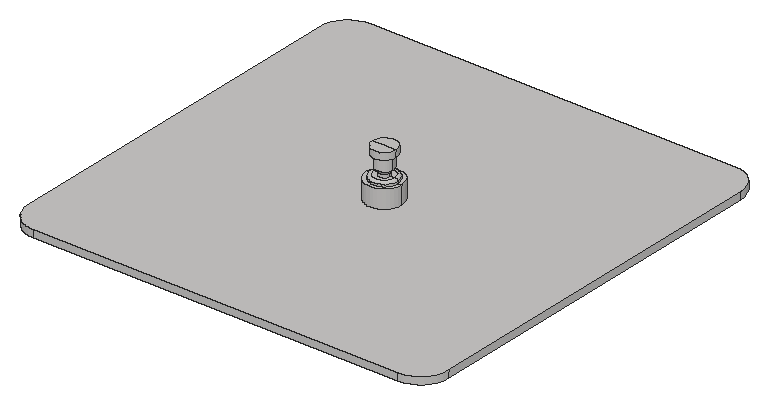
Revit family "S-2764", category Plumbing Fixtures, Revit 2023
Family settings
  Round Connector Dimension = Use Diameter
  Part Type = Normal
  OmniClass Number = 23.45.00.00
  OmniClass Title = Sanitary, Laundry, and Cleaning Equipment
  Work Plane-Based = No
  Enable Cutting in Views = No
  Always vertical = Yes
  Cut with Voids When Loaded = No
  Maintain Annotation Orientation = No
  Shared = No
  Room Calculation Point = No
Parameters
  Default Elevation = 0"
Reference planes (in)
  plane 1 "Center (Front/Back)": y = 0
  plane 2: z = 0
  plane 3 "Center (Left/Right)": x = 0
  plane 4 "Center L/S": x = 7.46875
  plane 5 "Center L/T": x = -7.46875
  plane 6: z = 2.06953
  plane 7: z = 2.75703
  plane 8: z = 1.06953
  plane 9: z = 0.81953
Forms (in)
  Extrusion 1, solid, material "stainless steel"
    sketch origin (0, 14.9375, 0.81953) x (0, -1, 0) y (1, 0, 0)
      loop
        line (14.9375, -6.46875) -> (14.9375, 6.46875)
        arc (14.9375, 6.46875) -> (14.64461, 7.17586) -> (13.9375, 7.46875) r 1
        line (13.9375, 7.46875) -> (1, 7.46875)
        arc (1, 7.46875) -> (0.29289, 7.17586) -> (0, 6.46875) r 1
        line (0, 6.46875) -> (0, -6.46875)
        arc (0, -6.46875) -> (0.29289, -7.17586) -> (1, -7.46875) r 1
        line (1, -7.46875) -> (13.9375, -7.46875)
        arc (13.9375, -7.46875) -> (14.64461, -7.17586) -> (14.9375, -6.46875) r 1
    from 0 to 0.25
  Revolve 2, solid, material "stainless steel"
    sketch origin (0, 7.47041, 0.81953) x (1, 0, 0) y (0, 0, 1)
      loop
        line (0, 0.25) -> (0.61846, 0.25) -> (0.61846, 0.89366) -> (0.47779, 0.89366) -> (0.47779, 0.95799)
        arc (0.47779, 0.95799) -> (0.43544, 1.01074) -> (0.36879, 1.02232) r 0.09572
        line (0.36879, 1.02232) -> (0.1929, 1.02232) -> (0.1929, 1.1372) -> (0.30571, 1.25) -> (0.30571, 1.70238) -> (0.41806, 1.70238) -> (0.41806, 1.9375) -> (0, 1.9375) -> (0, 0.25)
      axis (0, 1.9375) -> (0, 0.25)
    angle from 0 to 360
  Revolve 3, solid
    sketch origin (0.53314, 13.25712, 0.81953) x (1, 0, 0) y (0, 0, -1)
      loop
        line (-6.17177, 0) -> (-6.06168, 0) -> (-6.12185, 0.06017) -> (-6.12185, 0.13905) -> (-6.17177, 0.13905) -> (-6.17177, 0)
      axis (-6.17177, 0) -> (-6.17177, 0.13905)
    angle from 0 to 360
  Revolve 4, solid
    sketch origin (11.81041, 13.25712, 0.81953) x (1, 0, 0) y (0, 0, -1)
      loop
        line (-6.17177, 0) -> (-6.06168, 0) -> (-6.12185, 0.06017) -> (-6.12185, 0.13905) -> (-6.17177, 0.13905) -> (-6.17177, 0)
      axis (-6.17177, 0) -> (-6.17177, 0.13905)
    angle from 0 to 360
  Revolve 5, solid
    sketch origin (1.40062, 13.25712, 0.81953) x (1, 0, 0) y (0, 0, -1)
      loop
        line (-6.17177, 0) -> (-6.06168, 0) -> (-6.12185, 0.06017) -> (-6.12185, 0.13905) -> (-6.17177, 0.13905) -> (-6.17177, 0)
      axis (-6.17177, 0) -> (-6.17177, 0.13905)
    angle from 0 to 360
  Revolve 6, solid
    sketch origin (2.2681, 13.25712, 0.81953) x (1, 0, 0) y (0, 0, -1)
      loop
        line (-6.17177, 0) -> (-6.06168, 0) -> (-6.12185, 0.06017) -> (-6.12185, 0.13905) -> (-6.17177, 0.13905) -> (-6.17177, 0)
      axis (-6.17177, 0) -> (-6.17177, 0.13905)
    angle from 0 to 360
  Revolve 7, solid
    sketch origin (3.13559, 13.25712, 0.81953) x (1, 0, 0) y (0, 0, -1)
      loop
        line (-6.17177, 0) -> (-6.06168, 0) -> (-6.12185, 0.06017) -> (-6.12185, 0.13905) -> (-6.17177, 0.13905) -> (-6.17177, 0)
      axis (-6.17177, 0) -> (-6.17177, 0.13905)
    angle from 0 to 360
  Revolve 8, solid
    sketch origin (4.00307, 13.25712, 0.81953) x (1, 0, 0) y (0, 0, -1)
      loop
        line (-6.17177, 0) -> (-6.06168, 0) -> (-6.12185, 0.06017) -> (-6.12185, 0.13905) -> (-6.17177, 0.13905) -> (-6.17177, 0)
      axis (-6.17177, 0) -> (-6.17177, 0.13905)
    angle from 0 to 360
  Revolve 9, solid
    sketch origin (4.87055, 13.25712, 0.81953) x (1, 0, 0) y (0, 0, -1)
      loop
        line (-6.17177, 0) -> (-6.06168, 0) -> (-6.12185, 0.06017) -> (-6.12185, 0.13905) -> (-6.17177, 0.13905) -> (-6.17177, 0)
      axis (-6.17177, 0) -> (-6.17177, 0.13905)
    angle from 0 to 360
  Revolve 10, solid
    sketch origin (5.73803, 13.25712, 0.81953) x (1, 0, 0) y (0, 0, -1)
      loop
        line (-6.17177, 0) -> (-6.06168, 0) -> (-6.12185, 0.06017) -> (-6.12185, 0.13905) -> (-6.17177, 0.13905) -> (-6.17177, 0)
      axis (-6.17177, 0) -> (-6.17177, 0.13905)
    angle from 0 to 360
  Revolve 11, solid
    sketch origin (6.60552, 13.25712, 0.81953) x (1, 0, 0) y (0, 0, -1)
      loop
        line (-6.17177, 0) -> (-6.06168, 0) -> (-6.12185, 0.06017) -> (-6.12185, 0.13905) -> (-6.17177, 0.13905) -> (-6.17177, 0)
      axis (-6.17177, 0) -> (-6.17177, 0.13905)
    angle from 0 to 360
  Revolve 12, solid
    sketch origin (7.473, 13.25712, 0.81953) x (1, 0, 0) y (0, 0, -1)
      loop
        line (-6.17177, 0) -> (-6.06168, 0) -> (-6.12185, 0.06017) -> (-6.12185, 0.13905) -> (-6.17177, 0.13905) -> (-6.17177, 0)
      axis (-6.17177, 0) -> (-6.17177, 0.13905)
    angle from 0 to 360
  Revolve 13, solid
    sketch origin (8.34048, 13.25712, 0.81953) x (1, 0, 0) y (0, 0, -1)
      loop
        line (-6.17177, 0) -> (-6.06168, 0) -> (-6.12185, 0.06017) -> (-6.12185, 0.13905) -> (-6.17177, 0.13905) -> (-6.17177, 0)
      axis (-6.17177, 0) -> (-6.17177, 0.13905)
    angle from 0 to 360
  Revolve 14, solid
    sketch origin (9.20796, 13.25712, 0.81953) x (1, 0, 0) y (0, 0, -1)
      loop
        line (-6.17177, 0) -> (-6.06168, 0) -> (-6.12185, 0.06017) -> (-6.12185, 0.13905) -> (-6.17177, 0.13905) -> (-6.17177, 0)
      axis (-6.17177, 0) -> (-6.17177, 0.13905)
    angle from 0 to 360
  Revolve 15, solid
    sketch origin (10.07545, 13.25712, 0.81953) x (1, 0, 0) y (0, 0, -1)
      loop
        line (-6.17177, 0) -> (-6.06168, 0) -> (-6.12185, 0.06017) -> (-6.12185, 0.13905) -> (-6.17177, 0.13905) -> (-6.17177, 0)
      axis (-6.17177, 0) -> (-6.17177, 0.13905)
    angle from 0 to 360
  Revolve 16, solid
    sketch origin (10.94293, 13.25712, 0.81953) x (1, 0, 0) y (0, 0, -1)
      loop
        line (-6.17177, 0) -> (-6.06168, 0) -> (-6.12185, 0.06017) -> (-6.12185, 0.13905) -> (-6.17177, 0.13905) -> (-6.17177, 0)
      axis (-6.17177, 0) -> (-6.17177, 0.13905)
    angle from 0 to 360
  Revolve 17, solid
    sketch origin (0.53314, 13.25712, 0.81953) x (1, 0, 0) y (0, 0, -1)
      loop
        line (-6.17177, 0) -> (-6.06168, 0) -> (-6.12185, 0.06017) -> (-6.12185, 0.13905) -> (-6.17177, 0.13905) -> (-6.17177, 0)
      axis (-6.17177, 0) -> (-6.17177, 0.13905)
    angle from 0 to 360
  Revolve 18, solid
    sketch origin (11.81041, 13.25712, 0.81953) x (1, 0, 0) y (0, 0, -1)
      loop
        line (-6.17177, 0) -> (-6.06168, 0) -> (-6.12185, 0.06017) -> (-6.12185, 0.13905) -> (-6.17177, 0.13905) -> (-6.17177, 0)
      axis (-6.17177, 0) -> (-6.17177, 0.13905)
    angle from 0 to 360
  Revolve 19, solid
    sketch origin (1.40062, 13.25712, 0.81953) x (1, 0, 0) y (0, 0, -1)
      loop
        line (-6.17177, 0) -> (-6.06168, 0) -> (-6.12185, 0.06017) -> (-6.12185, 0.13905) -> (-6.17177, 0.13905) -> (-6.17177, 0)
      axis (-6.17177, 0) -> (-6.17177, 0.13905)
    angle from 0 to 360
  Revolve 20, solid
    sketch origin (2.2681, 13.25712, 0.81953) x (1, 0, 0) y (0, 0, -1)
      loop
        line (-6.17177, 0) -> (-6.06168, 0) -> (-6.12185, 0.06017) -> (-6.12185, 0.13905) -> (-6.17177, 0.13905) -> (-6.17177, 0)
      axis (-6.17177, 0) -> (-6.17177, 0.13905)
    angle from 0 to 360
  Revolve 21, solid
    sketch origin (3.13559, 13.25712, 0.81953) x (1, 0, 0) y (0, 0, -1)
      loop
        line (-6.17177, 0) -> (-6.06168, 0) -> (-6.12185, 0.06017) -> (-6.12185, 0.13905) -> (-6.17177, 0.13905) -> (-6.17177, 0)
      axis (-6.17177, 0) -> (-6.17177, 0.13905)
    angle from 0 to 360
  Revolve 22, solid
    sketch origin (4.00307, 13.25712, 0.81953) x (1, 0, 0) y (0, 0, -1)
      loop
        line (-6.17177, 0) -> (-6.06168, 0) -> (-6.12185, 0.06017) -> (-6.12185, 0.13905) -> (-6.17177, 0.13905) -> (-6.17177, 0)
      axis (-6.17177, 0) -> (-6.17177, 0.13905)
    angle from 0 to 360
  Revolve 23, solid
    sketch origin (4.87055, 13.25712, 0.81953) x (1, 0, 0) y (0, 0, -1)
      loop
        line (-6.17177, 0) -> (-6.06168, 0) -> (-6.12185, 0.06017) -> (-6.12185, 0.13905) -> (-6.17177, 0.13905) -> (-6.17177, 0)
      axis (-6.17177, 0) -> (-6.17177, 0.13905)
    angle from 0 to 360
  Revolve 24, solid
    sketch origin (5.73803, 13.25712, 0.81953) x (1, 0, 0) y (0, 0, -1)
      loop
        line (-6.17177, 0) -> (-6.06168, 0) -> (-6.12185, 0.06017) -> (-6.12185, 0.13905) -> (-6.17177, 0.13905) -> (-6.17177, 0)
      axis (-6.17177, 0) -> (-6.17177, 0.13905)
    angle from 0 to 360
  Revolve 25, solid
    sketch origin (6.60552, 13.25712, 0.81953) x (1, 0, 0) y (0, 0, -1)
      loop
        line (-6.17177, 0) -> (-6.06168, 0) -> (-6.12185, 0.06017) -> (-6.12185, 0.13905) -> (-6.17177, 0.13905) -> (-6.17177, 0)
      axis (-6.17177, 0) -> (-6.17177, 0.13905)
    angle from 0 to 360
  Revolve 26, solid
    sketch origin (7.473, 13.25712, 0.81953) x (1, 0, 0) y (0, 0, -1)
      loop
        line (-6.17177, 0) -> (-6.06168, 0) -> (-6.12185, 0.06017) -> (-6.12185, 0.13905) -> (-6.17177, 0.13905) -> (-6.17177, 0)
      axis (-6.17177, 0) -> (-6.17177, 0.13905)
    angle from 0 to 360
  Revolve 27, solid
    sketch origin (8.34048, 13.25712, 0.81953) x (1, 0, 0) y (0, 0, -1)
      loop
        line (-6.17177, 0) -> (-6.06168, 0) -> (-6.12185, 0.06017) -> (-6.12185, 0.13905) -> (-6.17177, 0.13905) -> (-6.17177, 0)
      axis (-6.17177, 0) -> (-6.17177, 0.13905)
    angle from 0 to 360
  Revolve 28, solid
    sketch origin (9.20796, 13.25712, 0.81953) x (1, 0, 0) y (0, 0, -1)
      loop
        line (-6.17177, 0) -> (-6.06168, 0) -> (-6.12185, 0.06017) -> (-6.12185, 0.13905) -> (-6.17177, 0.13905) -> (-6.17177, 0)
      axis (-6.17177, 0) -> (-6.17177, 0.13905)
    angle from 0 to 360
  Revolve 29, solid
    sketch origin (10.07545, 13.25712, 0.81953) x (1, 0, 0) y (0, 0, -1)
      loop
        line (-6.17177, 0) -> (-6.06168, 0) -> (-6.12185, 0.06017) -> (-6.12185, 0.13905) -> (-6.17177, 0.13905) -> (-6.17177, 0)
      axis (-6.17177, 0) -> (-6.17177, 0.13905)
    angle from 0 to 360
  Revolve 30, solid
    sketch origin (10.94293, 13.25712, 0.81953) x (1, 0, 0) y (0, 0, -1)
      loop
        line (-6.17177, 0) -> (-6.06168, 0) -> (-6.12185, 0.06017) -> (-6.12185, 0.13905) -> (-6.17177, 0.13905) -> (-6.17177, 0)
      axis (-6.17177, 0) -> (-6.17177, 0.13905)
    angle from 0 to 360
  Revolve 31, solid
    sketch origin (0.53314, 14.14764, 0.81953) x (1, 0, 0) y (0, 0, -1)
      loop
        line (-6.17177, 0) -> (-6.06168, 0) -> (-6.12185, 0.06017) -> (-6.12185, 0.13905) -> (-6.17177, 0.13905) -> (-6.17177, 0)
      axis (-6.17177, 0) -> (-6.17177, 0.13905)
    angle from 0 to 360
  Revolve 32, solid
    sketch origin (0.53314, 15.03815, 0.81953) x (1, 0, 0) y (0, 0, -1)
      loop
        line (-6.17177, 0) -> (-6.06168, 0) -> (-6.12185, 0.06017) -> (-6.12185, 0.13905) -> (-6.17177, 0.13905) -> (-6.17177, 0)
      axis (-6.17177, 0) -> (-6.17177, 0.13905)
    angle from 0 to 360
  Revolve 33, solid
    sketch origin (0.53314, 15.92867, 0.81953) x (1, 0, 0) y (0, 0, -1)
      loop
        line (-6.17177, 0) -> (-6.06168, 0) -> (-6.12185, 0.06017) -> (-6.12185, 0.13905) -> (-6.17177, 0.13905) -> (-6.17177, 0)
      axis (-6.17177, 0) -> (-6.17177, 0.13905)
    angle from 0 to 360
  Revolve 34, solid
    sketch origin (0.53314, 16.81919, 0.81953) x (1, 0, 0) y (0, 0, -1)
      loop
        line (-6.17177, 0) -> (-6.06168, 0) -> (-6.12185, 0.06017) -> (-6.12185, 0.13905) -> (-6.17177, 0.13905) -> (-6.17177, 0)
      axis (-6.17177, 0) -> (-6.17177, 0.13905)
    angle from 0 to 360
  Revolve 35, solid
    sketch origin (0.53314, 17.70971, 0.81953) x (1, 0, 0) y (0, 0, -1)
      loop
        line (-6.17177, 0) -> (-6.06168, 0) -> (-6.12185, 0.06017) -> (-6.12185, 0.13905) -> (-6.17177, 0.13905) -> (-6.17177, 0)
      axis (-6.17177, 0) -> (-6.17177, 0.13905)
    angle from 0 to 360
  Revolve 36, solid
    sketch origin (0.53314, 18.60023, 0.81953) x (1, 0, 0) y (0, 0, -1)
      loop
        line (-6.17177, 0) -> (-6.06168, 0) -> (-6.12185, 0.06017) -> (-6.12185, 0.13905) -> (-6.17177, 0.13905) -> (-6.17177, 0)
      axis (-6.17177, 0) -> (-6.17177, 0.13905)
    angle from 0 to 360
  Revolve 37, solid
    sketch origin (0.53314, 19.49074, 0.81953) x (1, 0, 0) y (0, 0, -1)
      loop
        line (-6.17177, 0) -> (-6.06168, 0) -> (-6.12185, 0.06017) -> (-6.12185, 0.13905) -> (-6.17177, 0.13905) -> (-6.17177, 0)
      axis (-6.17177, 0) -> (-6.17177, 0.13905)
    angle from 0 to 360
  Revolve 38, solid
    sketch origin (0.53314, 20.38126, 0.81953) x (1, 0, 0) y (0, 0, -1)
      loop
        line (-6.17177, 0) -> (-6.06168, 0) -> (-6.12185, 0.06017) -> (-6.12185, 0.13905) -> (-6.17177, 0.13905) -> (-6.17177, 0)
      axis (-6.17177, 0) -> (-6.17177, 0.13905)
    angle from 0 to 360
  Revolve 39, solid
    sketch origin (0.53314, 21.27178, 0.81953) x (1, 0, 0) y (0, 0, -1)
      loop
        line (-6.17177, 0) -> (-6.06168, 0) -> (-6.12185, 0.06017) -> (-6.12185, 0.13905) -> (-6.17177, 0.13905) -> (-6.17177, 0)
      axis (-6.17177, 0) -> (-6.17177, 0.13905)
    angle from 0 to 360
  Revolve 40, solid
    sketch origin (0.53314, 22.1623, 0.81953) x (1, 0, 0) y (0, 0, -1)
      loop
        line (-6.17177, 0) -> (-6.06168, 0) -> (-6.12185, 0.06017) -> (-6.12185, 0.13905) -> (-6.17177, 0.13905) -> (-6.17177, 0)
      axis (-6.17177, 0) -> (-6.17177, 0.13905)
    angle from 0 to 360
  Revolve 41, solid
    sketch origin (0.53314, 23.05282, 0.81953) x (1, 0, 0) y (0, 0, -1)
      loop
        line (-6.17177, 0) -> (-6.06168, 0) -> (-6.12185, 0.06017) -> (-6.12185, 0.13905) -> (-6.17177, 0.13905) -> (-6.17177, 0)
      axis (-6.17177, 0) -> (-6.17177, 0.13905)
    angle from 0 to 360
  Revolve 42, solid
    sketch origin (0.53314, 23.94333, 0.81953) x (1, 0, 0) y (0, 0, -1)
      loop
        line (-6.17177, 0) -> (-6.06168, 0) -> (-6.12185, 0.06017) -> (-6.12185, 0.13905) -> (-6.17177, 0.13905) -> (-6.17177, 0)
      axis (-6.17177, 0) -> (-6.17177, 0.13905)
    angle from 0 to 360
  Revolve 43, solid
    sketch origin (-0.53314, 14.14764, 0.81953) x (-1, 0, 0) y (0, 0, 1)
      loop
        line (-6.17177, 0) -> (-6.17177, -0.13905) -> (-6.12185, -0.13905) -> (-6.12185, -0.06017) -> (-6.06168, 0) -> (-6.17177, 0)
      axis (-6.17177, 0) -> (-6.17177, -0.13905)
    angle from 0 to 360
  Revolve 44, solid
    sketch origin (-0.53314, 15.03815, 0.81953) x (-1, 0, 0) y (0, 0, 1)
      loop
        line (-6.17177, 0) -> (-6.17177, -0.13905) -> (-6.12185, -0.13905) -> (-6.12185, -0.06017) -> (-6.06168, 0) -> (-6.17177, 0)
      axis (-6.17177, 0) -> (-6.17177, -0.13905)
    angle from 0 to 360
  Revolve 45, solid
    sketch origin (-0.53314, 15.92867, 0.81953) x (-1, 0, 0) y (0, 0, 1)
      loop
        line (-6.17177, 0) -> (-6.17177, -0.13905) -> (-6.12185, -0.13905) -> (-6.12185, -0.06017) -> (-6.06168, 0) -> (-6.17177, 0)
      axis (-6.17177, 0) -> (-6.17177, -0.13905)
    angle from 0 to 360
  Revolve 46, solid
    sketch origin (-0.53314, 16.81919, 0.81953) x (-1, 0, 0) y (0, 0, 1)
      loop
        line (-6.17177, 0) -> (-6.17177, -0.13905) -> (-6.12185, -0.13905) -> (-6.12185, -0.06017) -> (-6.06168, 0) -> (-6.17177, 0)
      axis (-6.17177, 0) -> (-6.17177, -0.13905)
    angle from 0 to 360
  Revolve 47, solid
    sketch origin (-0.53314, 17.70971, 0.81953) x (-1, 0, 0) y (0, 0, 1)
      loop
        line (-6.17177, 0) -> (-6.17177, -0.13905) -> (-6.12185, -0.13905) -> (-6.12185, -0.06017) -> (-6.06168, 0) -> (-6.17177, 0)
      axis (-6.17177, 0) -> (-6.17177, -0.13905)
    angle from 0 to 360
  Revolve 48, solid
    sketch origin (-0.53314, 18.60023, 0.81953) x (-1, 0, 0) y (0, 0, 1)
      loop
        line (-6.17177, 0) -> (-6.17177, -0.13905) -> (-6.12185, -0.13905) -> (-6.12185, -0.06017) -> (-6.06168, 0) -> (-6.17177, 0)
      axis (-6.17177, 0) -> (-6.17177, -0.13905)
    angle from 0 to 360
  Revolve 49, solid
    sketch origin (-0.53314, 19.49074, 0.81953) x (-1, 0, 0) y (0, 0, 1)
      loop
        line (-6.17177, 0) -> (-6.17177, -0.13905) -> (-6.12185, -0.13905) -> (-6.12185, -0.06017) -> (-6.06168, 0) -> (-6.17177, 0)
      axis (-6.17177, 0) -> (-6.17177, -0.13905)
    angle from 0 to 360
  Revolve 50, solid
    sketch origin (-0.53314, 20.38126, 0.81953) x (-1, 0, 0) y (0, 0, 1)
      loop
        line (-6.17177, 0) -> (-6.17177, -0.13905) -> (-6.12185, -0.13905) -> (-6.12185, -0.06017) -> (-6.06168, 0) -> (-6.17177, 0)
      axis (-6.17177, 0) -> (-6.17177, -0.13905)
    angle from 0 to 360
  Revolve 51, solid
    sketch origin (-0.53314, 21.27178, 0.81953) x (-1, 0, 0) y (0, 0, 1)
      loop
        line (-6.17177, 0) -> (-6.17177, -0.13905) -> (-6.12185, -0.13905) -> (-6.12185, -0.06017) -> (-6.06168, 0) -> (-6.17177, 0)
      axis (-6.17177, 0) -> (-6.17177, -0.13905)
    angle from 0 to 360
  Revolve 52, solid
    sketch origin (-0.53314, 22.1623, 0.81953) x (-1, 0, 0) y (0, 0, 1)
      loop
        line (-6.17177, 0) -> (-6.17177, -0.13905) -> (-6.12185, -0.13905) -> (-6.12185, -0.06017) -> (-6.06168, 0) -> (-6.17177, 0)
      axis (-6.17177, 0) -> (-6.17177, -0.13905)
    angle from 0 to 360
  Revolve 53, solid
    sketch origin (-0.53314, 23.05282, 0.81953) x (-1, 0, 0) y (0, 0, 1)
      loop
        line (-6.17177, 0) -> (-6.17177, -0.13905) -> (-6.12185, -0.13905) -> (-6.12185, -0.06017) -> (-6.06168, 0) -> (-6.17177, 0)
      axis (-6.17177, 0) -> (-6.17177, -0.13905)
    angle from 0 to 360
  Revolve 54, solid
    sketch origin (-0.53314, 23.94333, 0.81953) x (-1, 0, 0) y (0, 0, 1)
      loop
        line (-6.17177, 0) -> (-6.17177, -0.13905) -> (-6.12185, -0.13905) -> (-6.12185, -0.06017) -> (-6.06168, 0) -> (-6.17177, 0)
      axis (-6.17177, 0) -> (-6.17177, -0.13905)
    angle from 0 to 360
  Revolve 55, solid
    sketch origin (2.12413, 11.66613, 0.81953) x (1, 0, 0) y (0, 0, -1)
      loop
        line (-6.17177, 0) -> (-6.06168, 0) -> (-6.12185, 0.06017) -> (-6.12185, 0.13905) -> (-6.17177, 0.13905) -> (-6.17177, 0)
      axis (-6.17177, 0) -> (-6.17177, 0.13905)
    angle from 0 to 360
  Revolve 56, solid
    sketch origin (2.12413, 11.66613, 0.81953) x (1, 0, 0) y (0, 0, -1)
      loop
        line (-6.17177, 0) -> (-6.06168, 0) -> (-6.12185, 0.06017) -> (-6.12185, 0.13905) -> (-6.17177, 0.13905) -> (-6.17177, 0)
      axis (-6.17177, 0) -> (-6.17177, 0.13905)
    angle from 0 to 360
  Revolve 57, solid
    sketch origin (-2.12413, 11.66613, 0.81953) x (-1, 0, 0) y (0, 0, 1)
      loop
        line (-6.17177, 0) -> (-6.17177, -0.13905) -> (-6.12185, -0.13905) -> (-6.12185, -0.06017) -> (-6.06168, 0) -> (-6.17177, 0)
      axis (-6.17177, 0) -> (-6.17177, -0.13905)
    angle from 0 to 360
  Revolve 58, solid
    sketch origin (-2.12413, 11.66613, 0.81953) x (-1, 0, 0) y (0, 0, 1)
      loop
        line (-6.17177, 0) -> (-6.17177, -0.13905) -> (-6.12185, -0.13905) -> (-6.12185, -0.06017) -> (-6.06168, 0) -> (-6.17177, 0)
      axis (-6.17177, 0) -> (-6.17177, -0.13905)
    angle from 0 to 360
  Revolve 59, solid
    sketch origin (2.12413, 12.42929, 0.81953) x (1, 0, 0) y (0, 0, -1)
      loop
        line (-6.17177, 0) -> (-6.06168, 0) -> (-6.12185, 0.06017) -> (-6.12185, 0.13905) -> (-6.17177, 0.13905) -> (-6.17177, 0)
      axis (-6.17177, 0) -> (-6.17177, 0.13905)
    angle from 0 to 360
  Revolve 60, solid
    sketch origin (2.12413, 13.19245, 0.81953) x (1, 0, 0) y (0, 0, -1)
      loop
        line (-6.17177, 0) -> (-6.06168, 0) -> (-6.12185, 0.06017) -> (-6.12185, 0.13905) -> (-6.17177, 0.13905) -> (-6.17177, 0)
      axis (-6.17177, 0) -> (-6.17177, 0.13905)
    angle from 0 to 360
  Revolve 61, solid
    sketch origin (2.12413, 13.95561, 0.81953) x (1, 0, 0) y (0, 0, -1)
      loop
        line (-6.17177, 0) -> (-6.06168, 0) -> (-6.12185, 0.06017) -> (-6.12185, 0.13905) -> (-6.17177, 0.13905) -> (-6.17177, 0)
      axis (-6.17177, 0) -> (-6.17177, 0.13905)
    angle from 0 to 360
  Revolve 62, solid
    sketch origin (2.12413, 14.71877, 0.81953) x (1, 0, 0) y (0, 0, -1)
      loop
        line (-6.17177, 0) -> (-6.06168, 0) -> (-6.12185, 0.06017) -> (-6.12185, 0.13905) -> (-6.17177, 0.13905) -> (-6.17177, 0)
      axis (-6.17177, 0) -> (-6.17177, 0.13905)
    angle from 0 to 360
  Revolve 63, solid
    sketch origin (2.12413, 15.48192, 0.81953) x (1, 0, 0) y (0, 0, -1)
      loop
        line (-6.17177, 0) -> (-6.06168, 0) -> (-6.12185, 0.06017) -> (-6.12185, 0.13905) -> (-6.17177, 0.13905) -> (-6.17177, 0)
      axis (-6.17177, 0) -> (-6.17177, 0.13905)
    angle from 0 to 360
  Revolve 64, solid
    sketch origin (2.12413, 16.24508, 0.81953) x (1, 0, 0) y (0, 0, -1)
      loop
        line (-6.17177, 0) -> (-6.06168, 0) -> (-6.12185, 0.06017) -> (-6.12185, 0.13905) -> (-6.17177, 0.13905) -> (-6.17177, 0)
      axis (-6.17177, 0) -> (-6.17177, 0.13905)
    angle from 0 to 360
  Revolve 65, solid
    sketch origin (2.12413, 17.00824, 0.81953) x (1, 0, 0) y (0, 0, -1)
      loop
        line (-6.17177, 0) -> (-6.06168, 0) -> (-6.12185, 0.06017) -> (-6.12185, 0.13905) -> (-6.17177, 0.13905) -> (-6.17177, 0)
      axis (-6.17177, 0) -> (-6.17177, 0.13905)
    angle from 0 to 360
  Revolve 66, solid
    sketch origin (2.12413, 17.7714, 0.81953) x (1, 0, 0) y (0, 0, -1)
      loop
        line (-6.17177, 0) -> (-6.06168, 0) -> (-6.12185, 0.06017) -> (-6.12185, 0.13905) -> (-6.17177, 0.13905) -> (-6.17177, 0)
      axis (-6.17177, 0) -> (-6.17177, 0.13905)
    angle from 0 to 360
  Revolve 67, solid
    sketch origin (2.12413, 18.53456, 0.81953) x (1, 0, 0) y (0, 0, -1)
      loop
        line (-6.17177, 0) -> (-6.06168, 0) -> (-6.12185, 0.06017) -> (-6.12185, 0.13905) -> (-6.17177, 0.13905) -> (-6.17177, 0)
      axis (-6.17177, 0) -> (-6.17177, 0.13905)
    angle from 0 to 360
  Revolve 68, solid
    sketch origin (2.12413, 19.29772, 0.81953) x (1, 0, 0) y (0, 0, -1)
      loop
        line (-6.17177, 0) -> (-6.06168, 0) -> (-6.12185, 0.06017) -> (-6.12185, 0.13905) -> (-6.17177, 0.13905) -> (-6.17177, 0)
      axis (-6.17177, 0) -> (-6.17177, 0.13905)
    angle from 0 to 360
  Revolve 69, solid
    sketch origin (-2.12413, 12.42929, 0.81953) x (-1, 0, 0) y (0, 0, 1)
      loop
        line (-6.17177, 0) -> (-6.17177, -0.13905) -> (-6.12185, -0.13905) -> (-6.12185, -0.06017) -> (-6.06168, 0) -> (-6.17177, 0)
      axis (-6.17177, 0) -> (-6.17177, -0.13905)
    angle from 0 to 360
  Revolve 70, solid
    sketch origin (-2.12413, 13.19245, 0.81953) x (-1, 0, 0) y (0, 0, 1)
      loop
        line (-6.17177, 0) -> (-6.17177, -0.13905) -> (-6.12185, -0.13905) -> (-6.12185, -0.06017) -> (-6.06168, 0) -> (-6.17177, 0)
      axis (-6.17177, 0) -> (-6.17177, -0.13905)
    angle from 0 to 360
  Revolve 71, solid
    sketch origin (-2.12413, 13.95561, 0.81953) x (-1, 0, 0) y (0, 0, 1)
      loop
        line (-6.17177, 0) -> (-6.17177, -0.13905) -> (-6.12185, -0.13905) -> (-6.12185, -0.06017) -> (-6.06168, 0) -> (-6.17177, 0)
      axis (-6.17177, 0) -> (-6.17177, -0.13905)
    angle from 0 to 360
  Revolve 72, solid
    sketch origin (-2.12413, 14.71877, 0.81953) x (-1, 0, 0) y (0, 0, 1)
      loop
        line (-6.17177, 0) -> (-6.17177, -0.13905) -> (-6.12185, -0.13905) -> (-6.12185, -0.06017) -> (-6.06168, 0) -> (-6.17177, 0)
      axis (-6.17177, 0) -> (-6.17177, -0.13905)
    angle from 0 to 360
  Revolve 73, solid
    sketch origin (-2.12413, 15.48192, 0.81953) x (-1, 0, 0) y (0, 0, 1)
      loop
        line (-6.17177, 0) -> (-6.17177, -0.13905) -> (-6.12185, -0.13905) -> (-6.12185, -0.06017) -> (-6.06168, 0) -> (-6.17177, 0)
      axis (-6.17177, 0) -> (-6.17177, -0.13905)
    angle from 0 to 360
  Revolve 74, solid
    sketch origin (-2.12413, 16.24508, 0.81953) x (-1, 0, 0) y (0, 0, 1)
      loop
        line (-6.17177, 0) -> (-6.17177, -0.13905) -> (-6.12185, -0.13905) -> (-6.12185, -0.06017) -> (-6.06168, 0) -> (-6.17177, 0)
      axis (-6.17177, 0) -> (-6.17177, -0.13905)
    angle from 0 to 360
  Revolve 75, solid
    sketch origin (-2.12413, 17.00824, 0.81953) x (-1, 0, 0) y (0, 0, 1)
      loop
        line (-6.17177, 0) -> (-6.17177, -0.13905) -> (-6.12185, -0.13905) -> (-6.12185, -0.06017) -> (-6.06168, 0) -> (-6.17177, 0)
      axis (-6.17177, 0) -> (-6.17177, -0.13905)
    angle from 0 to 360
  Revolve 76, solid
    sketch origin (-2.12413, 17.7714, 0.81953) x (-1, 0, 0) y (0, 0, 1)
      loop
        line (-6.17177, 0) -> (-6.17177, -0.13905) -> (-6.12185, -0.13905) -> (-6.12185, -0.06017) -> (-6.06168, 0) -> (-6.17177, 0)
      axis (-6.17177, 0) -> (-6.17177, -0.13905)
    angle from 0 to 360
  Revolve 77, solid
    sketch origin (-2.12413, 18.53456, 0.81953) x (-1, 0, 0) y (0, 0, 1)
      loop
        line (-6.17177, 0) -> (-6.17177, -0.13905) -> (-6.12185, -0.13905) -> (-6.12185, -0.06017) -> (-6.06168, 0) -> (-6.17177, 0)
      axis (-6.17177, 0) -> (-6.17177, -0.13905)
    angle from 0 to 360
  Revolve 78, solid
    sketch origin (-2.12413, 19.29772, 0.81953) x (-1, 0, 0) y (0, 0, 1)
      loop
        line (-6.17177, 0) -> (-6.17177, -0.13905) -> (-6.12185, -0.13905) -> (-6.12185, -0.06017) -> (-6.06168, 0) -> (-6.17177, 0)
      axis (-6.17177, 0) -> (-6.17177, -0.13905)
    angle from 0 to 360
  Revolve 79, solid
    sketch origin (2.86007, 11.66613, 0.81953) x (1, 0, 0) y (0, 0, -1)
      loop
        line (-6.17177, 0) -> (-6.06168, 0) -> (-6.12185, 0.06017) -> (-6.12185, 0.13905) -> (-6.17177, 0.13905) -> (-6.17177, 0)
      axis (-6.17177, 0) -> (-6.17177, 0.13905)
    angle from 0 to 360
  Revolve 80, solid
    sketch origin (3.596, 11.66613, 0.81953) x (1, 0, 0) y (0, 0, -1)
      loop
        line (-6.17177, 0) -> (-6.06168, 0) -> (-6.12185, 0.06017) -> (-6.12185, 0.13905) -> (-6.17177, 0.13905) -> (-6.17177, 0)
      axis (-6.17177, 0) -> (-6.17177, 0.13905)
    angle from 0 to 360
  Revolve 81, solid
    sketch origin (4.33194, 11.66613, 0.81953) x (1, 0, 0) y (0, 0, -1)
      loop
        line (-6.17177, 0) -> (-6.06168, 0) -> (-6.12185, 0.06017) -> (-6.12185, 0.13905) -> (-6.17177, 0.13905) -> (-6.17177, 0)
      axis (-6.17177, 0) -> (-6.17177, 0.13905)
    angle from 0 to 360
  Revolve 82, solid
    sketch origin (5.06787, 11.66613, 0.81953) x (1, 0, 0) y (0, 0, -1)
      loop
        line (-6.17177, 0) -> (-6.06168, 0) -> (-6.12185, 0.06017) -> (-6.12185, 0.13905) -> (-6.17177, 0.13905) -> (-6.17177, 0)
      axis (-6.17177, 0) -> (-6.17177, 0.13905)
    angle from 0 to 360
  Revolve 83, solid
    sketch origin (5.80381, 11.66613, 0.81953) x (1, 0, 0) y (0, 0, -1)
      loop
        line (-6.17177, 0) -> (-6.06168, 0) -> (-6.12185, 0.06017) -> (-6.12185, 0.13905) -> (-6.17177, 0.13905) -> (-6.17177, 0)
      axis (-6.17177, 0) -> (-6.17177, 0.13905)
    angle from 0 to 360
  Revolve 84, solid
    sketch origin (6.53974, 11.66613, 0.81953) x (1, 0, 0) y (0, 0, -1)
      loop
        line (-6.17177, 0) -> (-6.06168, 0) -> (-6.12185, 0.06017) -> (-6.12185, 0.13905) -> (-6.17177, 0.13905) -> (-6.17177, 0)
      axis (-6.17177, 0) -> (-6.17177, 0.13905)
    angle from 0 to 360
  Revolve 85, solid
    sketch origin (7.27568, 11.66613, 0.81953) x (1, 0, 0) y (0, 0, -1)
      loop
        line (-6.17177, 0) -> (-6.06168, 0) -> (-6.12185, 0.06017) -> (-6.12185, 0.13905) -> (-6.17177, 0.13905) -> (-6.17177, 0)
      axis (-6.17177, 0) -> (-6.17177, 0.13905)
    angle from 0 to 360
  Revolve 86, solid
    sketch origin (8.01161, 11.66613, 0.81953) x (1, 0, 0) y (0, 0, -1)
      loop
        line (-6.17177, 0) -> (-6.06168, 0) -> (-6.12185, 0.06017) -> (-6.12185, 0.13905) -> (-6.17177, 0.13905) -> (-6.17177, 0)
      axis (-6.17177, 0) -> (-6.17177, 0.13905)
    angle from 0 to 360
  Revolve 87, solid
    sketch origin (8.74755, 11.66613, 0.81953) x (1, 0, 0) y (0, 0, -1)
      loop
        line (-6.17177, 0) -> (-6.06168, 0) -> (-6.12185, 0.06017) -> (-6.12185, 0.13905) -> (-6.17177, 0.13905) -> (-6.17177, 0)
      axis (-6.17177, 0) -> (-6.17177, 0.13905)
    angle from 0 to 360
  Revolve 88, solid
    sketch origin (9.48348, 11.66613, 0.81953) x (1, 0, 0) y (0, 0, -1)
      loop
        line (-6.17177, 0) -> (-6.06168, 0) -> (-6.12185, 0.06017) -> (-6.12185, 0.13905) -> (-6.17177, 0.13905) -> (-6.17177, 0)
      axis (-6.17177, 0) -> (-6.17177, 0.13905)
    angle from 0 to 360
  Revolve 89, solid
    sketch origin (2.86007, 11.66613, 0.81953) x (1, 0, 0) y (0, 0, -1)
      loop
        line (-6.17177, 0) -> (-6.06168, 0) -> (-6.12185, 0.06017) -> (-6.12185, 0.13905) -> (-6.17177, 0.13905) -> (-6.17177, 0)
      axis (-6.17177, 0) -> (-6.17177, 0.13905)
    angle from 0 to 360
  Revolve 90, solid
    sketch origin (3.596, 11.66613, 0.81953) x (1, 0, 0) y (0, 0, -1)
      loop
        line (-6.17177, 0) -> (-6.06168, 0) -> (-6.12185, 0.06017) -> (-6.12185, 0.13905) -> (-6.17177, 0.13905) -> (-6.17177, 0)
      axis (-6.17177, 0) -> (-6.17177, 0.13905)
    angle from 0 to 360
  Revolve 91, solid
    sketch origin (4.33194, 11.66613, 0.81953) x (1, 0, 0) y (0, 0, -1)
      loop
        line (-6.17177, 0) -> (-6.06168, 0) -> (-6.12185, 0.06017) -> (-6.12185, 0.13905) -> (-6.17177, 0.13905) -> (-6.17177, 0)
      axis (-6.17177, 0) -> (-6.17177, 0.13905)
    angle from 0 to 360
  Revolve 92, solid
    sketch origin (5.06787, 11.66613, 0.81953) x (1, 0, 0) y (0, 0, -1)
      loop
        line (-6.17177, 0) -> (-6.06168, 0) -> (-6.12185, 0.06017) -> (-6.12185, 0.13905) -> (-6.17177, 0.13905) -> (-6.17177, 0)
      axis (-6.17177, 0) -> (-6.17177, 0.13905)
    angle from 0 to 360
  Revolve 93, solid
    sketch origin (5.80381, 11.66613, 0.81953) x (1, 0, 0) y (0, 0, -1)
      loop
        line (-6.17177, 0) -> (-6.06168, 0) -> (-6.12185, 0.06017) -> (-6.12185, 0.13905) -> (-6.17177, 0.13905) -> (-6.17177, 0)
      axis (-6.17177, 0) -> (-6.17177, 0.13905)
    angle from 0 to 360
  Revolve 94, solid
    sketch origin (6.53974, 11.66613, 0.81953) x (1, 0, 0) y (0, 0, -1)
      loop
        line (-6.17177, 0) -> (-6.06168, 0) -> (-6.12185, 0.06017) -> (-6.12185, 0.13905) -> (-6.17177, 0.13905) -> (-6.17177, 0)
      axis (-6.17177, 0) -> (-6.17177, 0.13905)
    angle from 0 to 360
  Revolve 95, solid
    sketch origin (7.27568, 11.66613, 0.81953) x (1, 0, 0) y (0, 0, -1)
      loop
        line (-6.17177, 0) -> (-6.06168, 0) -> (-6.12185, 0.06017) -> (-6.12185, 0.13905) -> (-6.17177, 0.13905) -> (-6.17177, 0)
      axis (-6.17177, 0) -> (-6.17177, 0.13905)
    angle from 0 to 360
  Revolve 96, solid
    sketch origin (8.01161, 11.66613, 0.81953) x (1, 0, 0) y (0, 0, -1)
      loop
        line (-6.17177, 0) -> (-6.06168, 0) -> (-6.12185, 0.06017) -> (-6.12185, 0.13905) -> (-6.17177, 0.13905) -> (-6.17177, 0)
      axis (-6.17177, 0) -> (-6.17177, 0.13905)
    angle from 0 to 360
  Revolve 97, solid
    sketch origin (8.74755, 11.66613, 0.81953) x (1, 0, 0) y (0, 0, -1)
      loop
        line (-6.17177, 0) -> (-6.06168, 0) -> (-6.12185, 0.06017) -> (-6.12185, 0.13905) -> (-6.17177, 0.13905) -> (-6.17177, 0)
      axis (-6.17177, 0) -> (-6.17177, 0.13905)
    angle from 0 to 360
  Revolve 98, solid
    sketch origin (9.48348, 11.66613, 0.81953) x (1, 0, 0) y (0, 0, -1)
      loop
        line (-6.17177, 0) -> (-6.06168, 0) -> (-6.12185, 0.06017) -> (-6.12185, 0.13905) -> (-6.17177, 0.13905) -> (-6.17177, 0)
      axis (-6.17177, 0) -> (-6.17177, 0.13905)
    angle from 0 to 360
  Revolve 99, solid
    sketch origin (3.46101, 10.32924, 0.81953) x (1, 0, 0) y (0, 0, -1)
      loop
        line (-6.17177, 0) -> (-6.06168, 0) -> (-6.12185, 0.06017) -> (-6.12185, 0.13905) -> (-6.17177, 0.13905) -> (-6.17177, 0)
      axis (-6.17177, 0) -> (-6.17177, 0.13905)
    angle from 0 to 360
  Revolve 100, solid
    sketch origin (3.46101, 10.32924, 0.81953) x (1, 0, 0) y (0, 0, -1)
      loop
        line (-6.17177, 0) -> (-6.06168, 0) -> (-6.12185, 0.06017) -> (-6.12185, 0.13905) -> (-6.17177, 0.13905) -> (-6.17177, 0)
      axis (-6.17177, 0) -> (-6.17177, 0.13905)
    angle from 0 to 360
  Revolve 101, solid
    sketch origin (-3.46101, 10.32924, 0.81953) x (-1, 0, 0) y (0, 0, 1)
      loop
        line (-6.17177, 0) -> (-6.17177, -0.13905) -> (-6.12185, -0.13905) -> (-6.12185, -0.06017) -> (-6.06168, 0) -> (-6.17177, 0)
      axis (-6.17177, 0) -> (-6.17177, -0.13905)
    angle from 0 to 360
  Revolve 102, solid
    sketch origin (-3.46101, 10.32924, 0.81953) x (-1, 0, 0) y (0, 0, 1)
      loop
        line (-6.17177, 0) -> (-6.17177, -0.13905) -> (-6.12185, -0.13905) -> (-6.12185, -0.06017) -> (-6.06168, 0) -> (-6.17177, 0)
      axis (-6.17177, 0) -> (-6.17177, -0.13905)
    angle from 0 to 360
  Revolve 103, solid
    sketch origin (4.0634, 10.32924, 0.81953) x (1, 0, 0) y (0, 0, -1)
      loop
        line (-6.17177, 0) -> (-6.06168, 0) -> (-6.12185, 0.06017) -> (-6.12185, 0.13905) -> (-6.17177, 0.13905) -> (-6.17177, 0)
      axis (-6.17177, 0) -> (-6.17177, 0.13905)
    angle from 0 to 360
  Revolve 104, solid
    sketch origin (4.6658, 10.32924, 0.81953) x (1, 0, 0) y (0, 0, -1)
      loop
        line (-6.17177, 0) -> (-6.06168, 0) -> (-6.12185, 0.06017) -> (-6.12185, 0.13905) -> (-6.17177, 0.13905) -> (-6.17177, 0)
      axis (-6.17177, 0) -> (-6.17177, 0.13905)
    angle from 0 to 360
  Revolve 105, solid
    sketch origin (5.26819, 10.32924, 0.81953) x (1, 0, 0) y (0, 0, -1)
      loop
        line (-6.17177, 0) -> (-6.06168, 0) -> (-6.12185, 0.06017) -> (-6.12185, 0.13905) -> (-6.17177, 0.13905) -> (-6.17177, 0)
      axis (-6.17177, 0) -> (-6.17177, 0.13905)
    angle from 0 to 360
  Revolve 106, solid
    sketch origin (5.87058, 10.32924, 0.81953) x (1, 0, 0) y (0, 0, -1)
      loop
        line (-6.17177, 0) -> (-6.06168, 0) -> (-6.12185, 0.06017) -> (-6.12185, 0.13905) -> (-6.17177, 0.13905) -> (-6.17177, 0)
      axis (-6.17177, 0) -> (-6.17177, 0.13905)
    angle from 0 to 360
  Revolve 107, solid
    sketch origin (6.47297, 10.32924, 0.81953) x (1, 0, 0) y (0, 0, -1)
      loop
        line (-6.17177, 0) -> (-6.06168, 0) -> (-6.12185, 0.06017) -> (-6.12185, 0.13905) -> (-6.17177, 0.13905) -> (-6.17177, 0)
      axis (-6.17177, 0) -> (-6.17177, 0.13905)
    angle from 0 to 360
  Revolve 108, solid
    sketch origin (7.07536, 10.32924, 0.81953) x (1, 0, 0) y (0, 0, -1)
      loop
        line (-6.17177, 0) -> (-6.06168, 0) -> (-6.12185, 0.06017) -> (-6.12185, 0.13905) -> (-6.17177, 0.13905) -> (-6.17177, 0)
      axis (-6.17177, 0) -> (-6.17177, 0.13905)
    angle from 0 to 360
  Revolve 109, solid
    sketch origin (7.67775, 10.32924, 0.81953) x (1, 0, 0) y (0, 0, -1)
      loop
        line (-6.17177, 0) -> (-6.06168, 0) -> (-6.12185, 0.06017) -> (-6.12185, 0.13905) -> (-6.17177, 0.13905) -> (-6.17177, 0)
      axis (-6.17177, 0) -> (-6.17177, 0.13905)
    angle from 0 to 360
  Revolve 110, solid
    sketch origin (8.28014, 10.32924, 0.81953) x (1, 0, 0) y (0, 0, -1)
      loop
        line (-6.17177, 0) -> (-6.06168, 0) -> (-6.12185, 0.06017) -> (-6.12185, 0.13905) -> (-6.17177, 0.13905) -> (-6.17177, 0)
      axis (-6.17177, 0) -> (-6.17177, 0.13905)
    angle from 0 to 360
  Revolve 111, solid
    sketch origin (4.0634, 16.05023, 0.81953) x (1, 0, 0) y (0, 0, -1)
      loop
        line (-6.17177, 0) -> (-6.06168, 0) -> (-6.12185, 0.06017) -> (-6.12185, 0.13905) -> (-6.17177, 0.13905) -> (-6.17177, 0)
      axis (-6.17177, 0) -> (-6.17177, 0.13905)
    angle from 0 to 360
  Revolve 112, solid
    sketch origin (4.6658, 16.05023, 0.81953) x (1, 0, 0) y (0, 0, -1)
      loop
        line (-6.17177, 0) -> (-6.06168, 0) -> (-6.12185, 0.06017) -> (-6.12185, 0.13905) -> (-6.17177, 0.13905) -> (-6.17177, 0)
      axis (-6.17177, 0) -> (-6.17177, 0.13905)
    angle from 0 to 360
  Revolve 113, solid
    sketch origin (5.26819, 16.05023, 0.81953) x (1, 0, 0) y (0, 0, -1)
      loop
        line (-6.17177, 0) -> (-6.06168, 0) -> (-6.12185, 0.06017) -> (-6.12185, 0.13905) -> (-6.17177, 0.13905) -> (-6.17177, 0)
      axis (-6.17177, 0) -> (-6.17177, 0.13905)
    angle from 0 to 360
  Revolve 114, solid
    sketch origin (5.87058, 16.05023, 0.81953) x (1, 0, 0) y (0, 0, -1)
      loop
        line (-6.17177, 0) -> (-6.06168, 0) -> (-6.12185, 0.06017) -> (-6.12185, 0.13905) -> (-6.17177, 0.13905) -> (-6.17177, 0)
      axis (-6.17177, 0) -> (-6.17177, 0.13905)
    angle from 0 to 360
  Revolve 115, solid
    sketch origin (6.47297, 16.05023, 0.81953) x (1, 0, 0) y (0, 0, -1)
      loop
        line (-6.17177, 0) -> (-6.06168, 0) -> (-6.12185, 0.06017) -> (-6.12185, 0.13905) -> (-6.17177, 0.13905) -> (-6.17177, 0)
      axis (-6.17177, 0) -> (-6.17177, 0.13905)
    angle from 0 to 360
  Revolve 116, solid
    sketch origin (7.07536, 16.05023, 0.81953) x (1, 0, 0) y (0, 0, -1)
      loop
        line (-6.17177, 0) -> (-6.06168, 0) -> (-6.12185, 0.06017) -> (-6.12185, 0.13905) -> (-6.17177, 0.13905) -> (-6.17177, 0)
      axis (-6.17177, 0) -> (-6.17177, 0.13905)
    angle from 0 to 360
  Revolve 117, solid
    sketch origin (7.67775, 16.05023, 0.81953) x (1, 0, 0) y (0, 0, -1)
      loop
        line (-6.17177, 0) -> (-6.06168, 0) -> (-6.12185, 0.06017) -> (-6.12185, 0.13905) -> (-6.17177, 0.13905) -> (-6.17177, 0)
      axis (-6.17177, 0) -> (-6.17177, 0.13905)
    angle from 0 to 360
  Revolve 118, solid
    sketch origin (8.28014, 16.05023, 0.81953) x (1, 0, 0) y (0, 0, -1)
      loop
        line (-6.17177, 0) -> (-6.06168, 0) -> (-6.12185, 0.06017) -> (-6.12185, 0.13905) -> (-6.17177, 0.13905) -> (-6.17177, 0)
      axis (-6.17177, 0) -> (-6.17177, 0.13905)
    angle from 0 to 360
  Revolve 119, solid
    sketch origin (3.46101, 9.69358, 0.81953) x (1, 0, 0) y (0, 0, -1)
      loop
        line (-6.17177, 0) -> (-6.06168, 0) -> (-6.12185, 0.06017) -> (-6.12185, 0.13905) -> (-6.17177, 0.13905) -> (-6.17177, 0)
      axis (-6.17177, 0) -> (-6.17177, 0.13905)
    angle from 0 to 360
  Revolve 120, solid
    sketch origin (3.46101, 9.05791, 0.81953) x (1, 0, 0) y (0, 0, -1)
      loop
        line (-6.17177, 0) -> (-6.06168, 0) -> (-6.12185, 0.06017) -> (-6.12185, 0.13905) -> (-6.17177, 0.13905) -> (-6.17177, 0)
      axis (-6.17177, 0) -> (-6.17177, 0.13905)
    angle from 0 to 360
  Revolve 121, solid
    sketch origin (3.46101, 8.42225, 0.81953) x (1, 0, 0) y (0, 0, -1)
      loop
        line (-6.17177, 0) -> (-6.06168, 0) -> (-6.12185, 0.06017) -> (-6.12185, 0.13905) -> (-6.17177, 0.13905) -> (-6.17177, 0)
      axis (-6.17177, 0) -> (-6.17177, 0.13905)
    angle from 0 to 360
  Revolve 122, solid
    sketch origin (3.46101, 7.78658, 0.81953) x (1, 0, 0) y (0, 0, -1)
      loop
        line (-6.17177, 0) -> (-6.06168, 0) -> (-6.12185, 0.06017) -> (-6.12185, 0.13905) -> (-6.17177, 0.13905) -> (-6.17177, 0)
      axis (-6.17177, 0) -> (-6.17177, 0.13905)
    angle from 0 to 360
  Revolve 123, solid
    sketch origin (3.46101, 7.15092, 0.81953) x (1, 0, 0) y (0, 0, -1)
      loop
        line (-6.17177, 0) -> (-6.06168, 0) -> (-6.12185, 0.06017) -> (-6.12185, 0.13905) -> (-6.17177, 0.13905) -> (-6.17177, 0)
      axis (-6.17177, 0) -> (-6.17177, 0.13905)
    angle from 0 to 360
  Revolve 124, solid
    sketch origin (3.46101, 6.51525, 0.81953) x (1, 0, 0) y (0, 0, -1)
      loop
        line (-6.17177, 0) -> (-6.06168, 0) -> (-6.12185, 0.06017) -> (-6.12185, 0.13905) -> (-6.17177, 0.13905) -> (-6.17177, 0)
      axis (-6.17177, 0) -> (-6.17177, 0.13905)
    angle from 0 to 360
  Revolve 125, solid
    sketch origin (3.46101, 5.87959, 0.81953) x (1, 0, 0) y (0, 0, -1)
      loop
        line (-6.17177, 0) -> (-6.06168, 0) -> (-6.12185, 0.06017) -> (-6.12185, 0.13905) -> (-6.17177, 0.13905) -> (-6.17177, 0)
      axis (-6.17177, 0) -> (-6.17177, 0.13905)
    angle from 0 to 360
  Revolve 126, solid
    sketch origin (3.46101, 5.24392, 0.81953) x (1, 0, 0) y (0, 0, -1)
      loop
        line (-6.17177, 0) -> (-6.06168, 0) -> (-6.12185, 0.06017) -> (-6.12185, 0.13905) -> (-6.17177, 0.13905) -> (-6.17177, 0)
      axis (-6.17177, 0) -> (-6.17177, 0.13905)
    angle from 0 to 360
  Revolve 127, solid
    sketch origin (-3.46101, 9.69358, 0.81953) x (-1, 0, 0) y (0, 0, 1)
      loop
        line (-6.17177, 0) -> (-6.17177, -0.13905) -> (-6.12185, -0.13905) -> (-6.12185, -0.06017) -> (-6.06168, 0) -> (-6.17177, 0)
      axis (-6.17177, 0) -> (-6.17177, -0.13905)
    angle from 0 to 360
  Revolve 128, solid
    sketch origin (-3.46101, 9.05791, 0.81953) x (-1, 0, 0) y (0, 0, 1)
      loop
        line (-6.17177, 0) -> (-6.17177, -0.13905) -> (-6.12185, -0.13905) -> (-6.12185, -0.06017) -> (-6.06168, 0) -> (-6.17177, 0)
      axis (-6.17177, 0) -> (-6.17177, -0.13905)
    angle from 0 to 360
  Revolve 129, solid
    sketch origin (-3.46101, 8.42225, 0.81953) x (-1, 0, 0) y (0, 0, 1)
      loop
        line (-6.17177, 0) -> (-6.17177, -0.13905) -> (-6.12185, -0.13905) -> (-6.12185, -0.06017) -> (-6.06168, 0) -> (-6.17177, 0)
      axis (-6.17177, 0) -> (-6.17177, -0.13905)
    angle from 0 to 360
  Revolve 130, solid
    sketch origin (-3.46101, 7.78658, 0.81953) x (-1, 0, 0) y (0, 0, 1)
      loop
        line (-6.17177, 0) -> (-6.17177, -0.13905) -> (-6.12185, -0.13905) -> (-6.12185, -0.06017) -> (-6.06168, 0) -> (-6.17177, 0)
      axis (-6.17177, 0) -> (-6.17177, -0.13905)
    angle from 0 to 360
  Revolve 131, solid
    sketch origin (-3.46101, 7.15092, 0.81953) x (-1, 0, 0) y (0, 0, 1)
      loop
        line (-6.17177, 0) -> (-6.17177, -0.13905) -> (-6.12185, -0.13905) -> (-6.12185, -0.06017) -> (-6.06168, 0) -> (-6.17177, 0)
      axis (-6.17177, 0) -> (-6.17177, -0.13905)
    angle from 0 to 360
  Revolve 132, solid
    sketch origin (-3.46101, 6.51525, 0.81953) x (-1, 0, 0) y (0, 0, 1)
      loop
        line (-6.17177, 0) -> (-6.17177, -0.13905) -> (-6.12185, -0.13905) -> (-6.12185, -0.06017) -> (-6.06168, 0) -> (-6.17177, 0)
      axis (-6.17177, 0) -> (-6.17177, -0.13905)
    angle from 0 to 360
  Revolve 133, solid
    sketch origin (-3.46101, 5.87959, 0.81953) x (-1, 0, 0) y (0, 0, 1)
      loop
        line (-6.17177, 0) -> (-6.17177, -0.13905) -> (-6.12185, -0.13905) -> (-6.12185, -0.06017) -> (-6.06168, 0) -> (-6.17177, 0)
      axis (-6.17177, 0) -> (-6.17177, -0.13905)
    angle from 0 to 360
  Revolve 134, solid
    sketch origin (-3.46101, 5.24392, 0.81953) x (-1, 0, 0) y (0, 0, 1)
      loop
        line (-6.17177, 0) -> (-6.17177, -0.13905) -> (-6.12185, -0.13905) -> (-6.12185, -0.06017) -> (-6.06168, 0) -> (-6.17177, 0)
      axis (-6.17177, 0) -> (-6.17177, -0.13905)
    angle from 0 to 360
  Revolve 135, solid
    sketch origin (4.3449, 11.21313, 0.81953) x (1, 0, 0) y (0, 0, -1)
      loop
        line (-6.17177, 0) -> (-6.06168, 0) -> (-6.12185, 0.06017) -> (-6.12185, 0.13905) -> (-6.17177, 0.13905) -> (-6.17177, 0)
      axis (-6.17177, 0) -> (-6.17177, 0.13905)
    angle from 0 to 360
  Revolve 136, solid
    sketch origin (-4.3449, 11.21313, 0.81953) x (-1, 0, 0) y (0, 0, 1)
      loop
        line (-6.17177, 0) -> (-6.17177, -0.13905) -> (-6.12185, -0.13905) -> (-6.12185, -0.06017) -> (-6.06168, 0) -> (-6.17177, 0)
      axis (-6.17177, 0) -> (-6.17177, -0.13905)
    angle from 0 to 360
  Revolve 137, solid
    sketch origin (4.3449, 11.21313, 0.81953) x (1, 0, 0) y (0, 0, -1)
      loop
        line (-6.17177, 0) -> (-6.06168, 0) -> (-6.12185, 0.06017) -> (-6.12185, 0.13905) -> (-6.17177, 0.13905) -> (-6.17177, 0)
      axis (-6.17177, 0) -> (-6.17177, 0.13905)
    angle from 0 to 360
  Revolve 138, solid
    sketch origin (-4.3449, 11.21313, 0.81953) x (-1, 0, 0) y (0, 0, 1)
      loop
        line (-6.17177, 0) -> (-6.17177, -0.13905) -> (-6.12185, -0.13905) -> (-6.12185, -0.06017) -> (-6.06168, 0) -> (-6.17177, 0)
      axis (-6.17177, 0) -> (-6.17177, -0.13905)
    angle from 0 to 360
  Revolve 139, solid
    sketch origin (4.3449, 10.64838, 0.81953) x (1, 0, 0) y (0, 0, -1)
      loop
        line (-6.17177, 0) -> (-6.06168, 0) -> (-6.12185, 0.06017) -> (-6.12185, 0.13905) -> (-6.17177, 0.13905) -> (-6.17177, 0)
      axis (-6.17177, 0) -> (-6.17177, 0.13905)
    angle from 0 to 360
  Revolve 140, solid
    sketch origin (4.3449, 10.08364, 0.81953) x (1, 0, 0) y (0, 0, -1)
      loop
        line (-6.17177, 0) -> (-6.06168, 0) -> (-6.12185, 0.06017) -> (-6.12185, 0.13905) -> (-6.17177, 0.13905) -> (-6.17177, 0)
      axis (-6.17177, 0) -> (-6.17177, 0.13905)
    angle from 0 to 360
  Revolve 141, solid
    sketch origin (4.3449, 9.51889, 0.81953) x (1, 0, 0) y (0, 0, -1)
      loop
        line (-6.17177, 0) -> (-6.06168, 0) -> (-6.12185, 0.06017) -> (-6.12185, 0.13905) -> (-6.17177, 0.13905) -> (-6.17177, 0)
      axis (-6.17177, 0) -> (-6.17177, 0.13905)
    angle from 0 to 360
  Revolve 142, solid
    sketch origin (4.3449, 8.95414, 0.81953) x (1, 0, 0) y (0, 0, -1)
      loop
        line (-6.17177, 0) -> (-6.06168, 0) -> (-6.12185, 0.06017) -> (-6.12185, 0.13905) -> (-6.17177, 0.13905) -> (-6.17177, 0)
      axis (-6.17177, 0) -> (-6.17177, 0.13905)
    angle from 0 to 360
  Revolve 143, solid
    sketch origin (4.3449, 8.3894, 0.81953) x (1, 0, 0) y (0, 0, -1)
      loop
        line (-6.17177, 0) -> (-6.06168, 0) -> (-6.12185, 0.06017) -> (-6.12185, 0.13905) -> (-6.17177, 0.13905) -> (-6.17177, 0)
      axis (-6.17177, 0) -> (-6.17177, 0.13905)
    angle from 0 to 360
  Revolve 144, solid
    sketch origin (4.3449, 7.82465, 0.81953) x (1, 0, 0) y (0, 0, -1)
      loop
        line (-6.17177, 0) -> (-6.06168, 0) -> (-6.12185, 0.06017) -> (-6.12185, 0.13905) -> (-6.17177, 0.13905) -> (-6.17177, 0)
      axis (-6.17177, 0) -> (-6.17177, 0.13905)
    angle from 0 to 360
  Revolve 145, solid
    sketch origin (-4.3449, 10.64838, 0.81953) x (-1, 0, 0) y (0, 0, 1)
      loop
        line (-6.17177, 0) -> (-6.17177, -0.13905) -> (-6.12185, -0.13905) -> (-6.12185, -0.06017) -> (-6.06168, 0) -> (-6.17177, 0)
      axis (-6.17177, 0) -> (-6.17177, -0.13905)
    angle from 0 to 360
  Revolve 146, solid
    sketch origin (-4.3449, 10.08364, 0.81953) x (-1, 0, 0) y (0, 0, 1)
      loop
        line (-6.17177, 0) -> (-6.17177, -0.13905) -> (-6.12185, -0.13905) -> (-6.12185, -0.06017) -> (-6.06168, 0) -> (-6.17177, 0)
      axis (-6.17177, 0) -> (-6.17177, -0.13905)
    angle from 0 to 360
  Revolve 147, solid
    sketch origin (-4.3449, 9.51889, 0.81953) x (-1, 0, 0) y (0, 0, 1)
      loop
        line (-6.17177, 0) -> (-6.17177, -0.13905) -> (-6.12185, -0.13905) -> (-6.12185, -0.06017) -> (-6.06168, 0) -> (-6.17177, 0)
      axis (-6.17177, 0) -> (-6.17177, -0.13905)
    angle from 0 to 360
  Revolve 148, solid
    sketch origin (-4.3449, 8.95414, 0.81953) x (-1, 0, 0) y (0, 0, 1)
      loop
        line (-6.17177, 0) -> (-6.17177, -0.13905) -> (-6.12185, -0.13905) -> (-6.12185, -0.06017) -> (-6.06168, 0) -> (-6.17177, 0)
      axis (-6.17177, 0) -> (-6.17177, -0.13905)
    angle from 0 to 360
  Revolve 149, solid
    sketch origin (-4.3449, 8.3894, 0.81953) x (-1, 0, 0) y (0, 0, 1)
      loop
        line (-6.17177, 0) -> (-6.17177, -0.13905) -> (-6.12185, -0.13905) -> (-6.12185, -0.06017) -> (-6.06168, 0) -> (-6.17177, 0)
      axis (-6.17177, 0) -> (-6.17177, -0.13905)
    angle from 0 to 360
  Revolve 150, solid
    sketch origin (-4.3449, 7.82465, 0.81953) x (-1, 0, 0) y (0, 0, 1)
      loop
        line (-6.17177, 0) -> (-6.17177, -0.13905) -> (-6.12185, -0.13905) -> (-6.12185, -0.06017) -> (-6.06168, 0) -> (-6.17177, 0)
      axis (-6.17177, 0) -> (-6.17177, -0.13905)
    angle from 0 to 360
  Revolve 151, solid
    sketch origin (4.86686, 11.21313, 0.81953) x (1, 0, 0) y (0, 0, -1)
      loop
        line (-6.17177, 0) -> (-6.06168, 0) -> (-6.12185, 0.06017) -> (-6.12185, 0.13905) -> (-6.17177, 0.13905) -> (-6.17177, 0)
      axis (-6.17177, 0) -> (-6.17177, 0.13905)
    angle from 0 to 360
  Revolve 152, solid
    sketch origin (5.38883, 11.21313, 0.81953) x (1, 0, 0) y (0, 0, -1)
      loop
        line (-6.17177, 0) -> (-6.06168, 0) -> (-6.12185, 0.06017) -> (-6.12185, 0.13905) -> (-6.17177, 0.13905) -> (-6.17177, 0)
      axis (-6.17177, 0) -> (-6.17177, 0.13905)
    angle from 0 to 360
  Revolve 153, solid
    sketch origin (5.91079, 11.21313, 0.81953) x (1, 0, 0) y (0, 0, -1)
      loop
        line (-6.17177, 0) -> (-6.06168, 0) -> (-6.12185, 0.06017) -> (-6.12185, 0.13905) -> (-6.17177, 0.13905) -> (-6.17177, 0)
      axis (-6.17177, 0) -> (-6.17177, 0.13905)
    angle from 0 to 360
  Revolve 154, solid
    sketch origin (6.43276, 11.21313, 0.81953) x (1, 0, 0) y (0, 0, -1)
      loop
        line (-6.17177, 0) -> (-6.06168, 0) -> (-6.12185, 0.06017) -> (-6.12185, 0.13905) -> (-6.17177, 0.13905) -> (-6.17177, 0)
      axis (-6.17177, 0) -> (-6.17177, 0.13905)
    angle from 0 to 360
  Revolve 155, solid
    sketch origin (6.95472, 11.21313, 0.81953) x (1, 0, 0) y (0, 0, -1)
      loop
        line (-6.17177, 0) -> (-6.06168, 0) -> (-6.12185, 0.06017) -> (-6.12185, 0.13905) -> (-6.17177, 0.13905) -> (-6.17177, 0)
      axis (-6.17177, 0) -> (-6.17177, 0.13905)
    angle from 0 to 360
  Revolve 156, solid
    sketch origin (7.47669, 11.21313, 0.81953) x (1, 0, 0) y (0, 0, -1)
      loop
        line (-6.17177, 0) -> (-6.06168, 0) -> (-6.12185, 0.06017) -> (-6.12185, 0.13905) -> (-6.17177, 0.13905) -> (-6.17177, 0)
      axis (-6.17177, 0) -> (-6.17177, 0.13905)
    angle from 0 to 360
  Revolve 157, solid
    sketch origin (4.86686, 11.21313, 0.81953) x (1, 0, 0) y (0, 0, -1)
      loop
        line (-6.17177, 0) -> (-6.06168, 0) -> (-6.12185, 0.06017) -> (-6.12185, 0.13905) -> (-6.17177, 0.13905) -> (-6.17177, 0)
      axis (-6.17177, 0) -> (-6.17177, 0.13905)
    angle from 0 to 360
  Revolve 158, solid
    sketch origin (5.38883, 11.21313, 0.81953) x (1, 0, 0) y (0, 0, -1)
      loop
        line (-6.17177, 0) -> (-6.06168, 0) -> (-6.12185, 0.06017) -> (-6.12185, 0.13905) -> (-6.17177, 0.13905) -> (-6.17177, 0)
      axis (-6.17177, 0) -> (-6.17177, 0.13905)
    angle from 0 to 360
  Revolve 159, solid
    sketch origin (5.91079, 11.21313, 0.81953) x (1, 0, 0) y (0, 0, -1)
      loop
        line (-6.17177, 0) -> (-6.06168, 0) -> (-6.12185, 0.06017) -> (-6.12185, 0.13905) -> (-6.17177, 0.13905) -> (-6.17177, 0)
      axis (-6.17177, 0) -> (-6.17177, 0.13905)
    angle from 0 to 360
  Revolve 160, solid
    sketch origin (6.43276, 11.21313, 0.81953) x (1, 0, 0) y (0, 0, -1)
      loop
        line (-6.17177, 0) -> (-6.06168, 0) -> (-6.12185, 0.06017) -> (-6.12185, 0.13905) -> (-6.17177, 0.13905) -> (-6.17177, 0)
      axis (-6.17177, 0) -> (-6.17177, 0.13905)
    angle from 0 to 360
  Revolve 161, solid
    sketch origin (6.95472, 11.21313, 0.81953) x (1, 0, 0) y (0, 0, -1)
      loop
        line (-6.17177, 0) -> (-6.06168, 0) -> (-6.12185, 0.06017) -> (-6.12185, 0.13905) -> (-6.17177, 0.13905) -> (-6.17177, 0)
      axis (-6.17177, 0) -> (-6.17177, 0.13905)
    angle from 0 to 360
  Revolve 162, solid
    sketch origin (7.47669, 11.21313, 0.81953) x (1, 0, 0) y (0, 0, -1)
      loop
        line (-6.17177, 0) -> (-6.06168, 0) -> (-6.12185, 0.06017) -> (-6.12185, 0.13905) -> (-6.17177, 0.13905) -> (-6.17177, 0)
      axis (-6.17177, 0) -> (-6.17177, 0.13905)
    angle from 0 to 360
  Revolve 163, solid
    sketch origin (4.96968, 10.58835, 0.81953) x (1, 0, 0) y (0, 0, -1)
      loop
        line (-6.17177, 0) -> (-6.06168, 0) -> (-6.12185, 0.06017) -> (-6.12185, 0.13905) -> (-6.17177, 0.13905) -> (-6.17177, 0)
      axis (-6.17177, 0) -> (-6.17177, 0.13905)
    angle from 0 to 360
